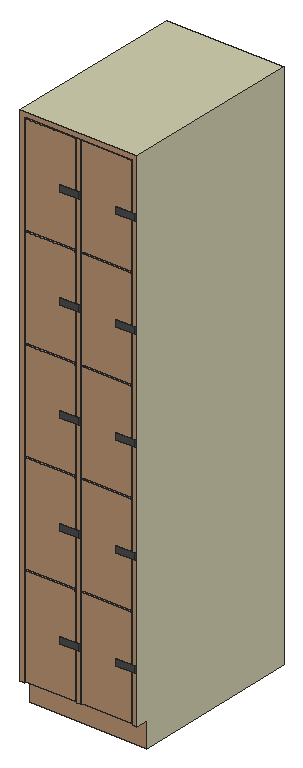
Revit family "Cabinet_Wenger_UltraStor_23", category Furniture, Revit 2015
Parameters (values of type "UltraStor Cabinet #23 - Comp Wood Doors")
  URL = "https://www.wengercorp.com/"
  Type Comments = ""
  Specification = "http://www.arcat.com/sdspecs/htm04/12_35_83wen.htm"
  Shelf Thickness = 0' - 1 1/8"
  Sales Information = "https://www.wengercorp.com/contact-us.php"
  Revision = "R1_2018-04"
  Rear Panel Thickness = 0' - 0 3/4"
  Product Data = "http://www.arcat.com/arcatcos/cos36/arc36487.html"
  Manufacturer Website = "https://www.wengercorp.com/"
  Manufacturer Phone - Toll Free = "800-4WENGER"
  Manufacturer Phone = "(507) 455-4100"
  Manufacturer Fax = "(507) 455-4258"
  Manufacturer Address = "555 Park Dr., Owatonna, MN 55060"
  Keynote = "12 35 83"
  HasDoors = yes
  Green Building-LEED = "http://www.arcat.com/green/clients/leed_data_36487.html"
  Drawn By = "Sumex Design, Inc. / Robert S. Weygant, CSI, CDT, SCIP"
  Door Width = (Cabinet Width - 0' 2 1/4") / 2  # 0' - 8 1/4"
  Door Style = Door_Base : Solid Door
  Door Material [instance] = Wenger Cherry (Use Cherry Edge Band Only)
  Toe Kick Material [instance] = Wenger Cherry (Use Cherry Edge Band Only)
  RH End Panel [instance] = no
  Model = "#23"
  Manufacturer = "Wenger Corporation"
  LH End Panel [instance] = no
  End Panel Material [instance] = Wenger Cherry (Use Cherry Edge Band Only)
  Edge Banding Material [instance] = Wenger Cherry (Use Cherry Edge Band Only)
  Door Height = (Cabinet Height - 0' 4 3/4") / 5  # 1' - 4.175"
  Cost = 0
  Copyright = "© 2018 Arcat Inc."
  Construction Details = "http://www.arcat.com/details/wengerco/wengerco.html?coid=36487"
  Body Material [instance] = Wenger - Oyster
  Description = "Wenger UltraStor Cabinet #23 - Comp Wood Doors"
  Cabinet Width = 1' - 6 3/4"
  Cabinet Height = 7' - 1 5/8"
  Installed Depth = 2' - 5 1/4"
  Cabinet Panel Thickness = 0' - 0 3/4"
  Assembly Code = "E2010200"
Types (14): name | Rear Panel Thickness | HasDoors | Door Width | Door Style | Door Material | Model | Description | Cabinet Width | Installed Depth
  Acoustic Cabinet #23 - No Doors | 0' - 3 1/4" | no | 0' - 8 1/4" | Door_Base : Solid Door | none | "#23A" | "Wenger Acoustic Cabinet #23 - No Doors" | 1' - 6 3/4" | 2' - 7 3/4"
  Narrow Acoustic Cabinet #23 - No Doors | 0' - 3 1/4" | no | 0' - 6 1/4" | Door_Base : Solid Door | none | "#23NA" | "Wenger Narrow Acoustic Cabinet #23 - No Doors" | 1' - 2 3/4" | 2' - 7 3/4"
  Narrow Acoustic Cabinet #23 - Comp Grille Doors | 0' - 3 1/4" | yes | 0' - 6 1/4" | Door_Base : Bars | Painted Black | "#23NA" | "Wenger Narrow Acoustic Cabinet #23 - Comp Grille Doors" | 1' - 2 3/4" | 2' - 7 3/4"
  Narrow Acoustic Cabinet #23 - Comp Waterfall Grille Doors | 0' - 3 1/4" | yes | 0' - 6 1/4" | Door_Base : Waterfall | Painted Black | "#23NA" | "Wenger Narrow Acoustic Cabinet #23 - Comp Waterfall Grille Doors" | 1' - 2 3/4" | 2' - 7 3/4"
  Acoustic Cabinet #23 - Comp Waterfall Grille Doors | 0' - 3 1/4" | yes | 0' - 8 1/4" | Door_Base : Waterfall | Painted Black | "#23A" | "Wenger Acoustic Cabinet #23 - Comp Waterfall Grille Doors" | 1' - 6 3/4" | 2' - 7 3/4"
  Acoustic Cabinet #23 - Comp Grille Doors | 0' - 3 1/4" | yes | 0' - 8 1/4" | Door_Base : Bars | Painted Black | "#23A" | "Wenger Acoustic Cabinet #23 - Comp Grille Doors" | 1' - 6 3/4" | 2' - 7 3/4"
  UltraStor Cabinet #23 - Comp Grille Doors | 0' - 0 3/4" | yes | 0' - 8 1/4" | Door_Base : Bars | Painted Black | "#23" | "Wenger UltraStor Cabinet #23 - Comp Grille Doors" | 1' - 6 3/4" | 2' - 5 1/4"
  Narrow UltraStor Cabinet #23 - Comp Grille Doors | 0' - 0 3/4" | yes | 0' - 6 1/4" | Door_Base : Bars | Painted Black | "#23N" | "Wenger Narrow Cabinet #23 - Comp Grille Doors" | 1' - 2 3/4" | 2' - 5 1/4"
  UltraStor Cabinet #23 - Comp Waterfall Grille Doors | 0' - 0 3/4" | yes | 0' - 8 1/4" | Door_Base : Waterfall | Painted Black | "#23" | "Wenger UltraStor Cabinet #23 - Comp Waterfall Grille Doors" | 1' - 6 3/4" | 2' - 5 1/4"
  Narrow UltraStor Cabinet #23 - No Doors | 0' - 0 3/4" | no | 0' - 6 1/4" | Door_Base : Solid Door | none | "#23N" | "Wenger Narrow Cabinet #23 - No Doors" | 1' - 2 3/4" | 2' - 5 1/4"
  Narrow UltraStor Cabinet #23 - Comp Waterfall Grille Doors | 0' - 0 3/4" | yes | 0' - 6 1/4" | Door_Base : Waterfall | Painted Black | "#23N" | "Wenger Narrow Cabinet #23 - Comp Waterfall Grille Doors" | 1' - 2 3/4" | 2' - 5 1/4"
  UltraStor Cabinet #23 - Comp Wood Doors | 0' - 0 3/4" | yes | 0' - 8 1/4" | Door_Base : Solid Door | Wenger Cherry (Use Cherry Edge Band Only) | "#23" | "Wenger UltraStor Cabinet #23 - Comp Wood Doors" | 1' - 6 3/4" | 2' - 5 1/4"
  Narrow UltraStor Cabinet #23 - Comp Wood Doors | 0' - 0 3/4" | yes | 0' - 6 1/4" | Door_Base : Solid Door | Wenger Cherry (Use Cherry Edge Band Only) | "#23N" | "Wenger Narrow Cabinet #23 - Comp Wood Doors" | 1' - 2 3/4" | 2' - 5 1/4"
  UltraStor Cabinet #23 - No Doors | 0' - 0 3/4" | no | 0' - 8 1/4" | Door_Base : Solid Door | none | "#23" | "Wenger UltraStor Cabinet #23 - No Doors" | 1' - 6 3/4" | 2' - 5 1/4"
Reference planes (in)
  plane 1 "Front": y = 0
  plane 2: z = 0
  plane 3 "Left": x = 0
  plane 4 "Right": x = 18.75
  plane 5 "Back": y = 29.25
  plane 6 "Top": z = 85.625
  plane 7: z = 4
  plane 8: z = 20.175
  plane 9: z = 36.35
  plane 10: z = 52.525
  plane 11: z = 68.7
  plane 12: x = 0.75
  plane 13: x = 18
  plane 14: z = 84.875
  plane 15: x = 9
  plane 16: x = 9.75
  plane 17: y = 28.5
  plane 18: y = 2
  plane 19: y = 0.75
  plane 20: z = 21.3
  plane 21: z = 37.475
  plane 22: z = 53.65
  plane 23: z = 69.825
  plane 24: z = 5.125
Forms (in)
  Extrusion 1, solid, material "Wenger - Oyster" <- "Body Material"
    sketch origin (0, 0, 0) x (0, 1, 0) y (0, 0, 1)
      loop
        line (0, 85.625) -> (0, 4) -> (2, 4) -> (2, 0) -> (29.25, 0) -> (29.25, 85.625) -> (0, 85.625)
    from 0 to 18.75
  Extrusion 2, void
    sketch origin (0, 0, 0) x (0, 1, 0) y (0, 0, 1)
      loop
        line (-5.5, 84.875) -> (-5.5, 4) -> (0.75, 4)
        arc (0.75, 4) -> (1.15915, 4.80234) -> (2, 5.125) r 1.25694
        line (2, 5.125) -> (28.5, 5.125) -> (28.5, 20.175) -> (0.75, 20.175)
        arc (0.75, 20.175) -> (1.18296, 20.95088) -> (2, 21.3) r 1.375
        line (2, 21.3) -> (28.5, 21.3) -> (28.5, 36.35) -> (0.75, 36.35)
        arc (0.75, 36.35) -> (1.18296, 37.12588) -> (2, 37.475) r 1.375
        line (2, 37.475) -> (28.5, 37.475) -> (28.5, 52.525) -> (0.75, 52.525)
        arc (0.75, 52.525) -> (1.18296, 53.30088) -> (2, 53.65) r 1.375
        line (2, 53.65) -> (28.5, 53.65) -> (28.5, 68.7) -> (0.75, 68.7)
        arc (0.75, 68.7) -> (1.18296, 69.47588) -> (2, 69.825) r 1.375
        line (2, 69.825) -> (28.5, 69.825) -> (28.5, 84.875) -> (-5.5, 84.875)
    from 0.75 to 9
  Extrusion 3, void
    sketch origin (0, 0, 0) x (0, 1, 0) y (0, 0, 1)
      loop
        line (-5.5, 84.875) -> (-5.5, 4) -> (0.75, 4)
        arc (0.75, 4) -> (1.18296, 4.77588) -> (2, 5.125) r 1.375
        line (2, 5.125) -> (28.5, 5.125) -> (28.5, 20.175) -> (0.75, 20.175)
        arc (0.75, 20.175) -> (1.18296, 20.95088) -> (2, 21.3) r 1.375
        line (2, 21.3) -> (28.5, 21.3) -> (28.5, 36.35) -> (0.75, 36.35)
        arc (0.75, 36.35) -> (1.18296, 37.12588) -> (2, 37.475) r 1.375
        line (2, 37.475) -> (28.5, 37.475) -> (28.5, 52.525) -> (0.75, 52.525)
        arc (0.75, 52.525) -> (1.18296, 53.30088) -> (2, 53.65) r 1.375
        line (2, 53.65) -> (28.5, 53.65) -> (28.5, 68.7) -> (0.75, 68.7)
        arc (0.75, 68.7) -> (1.18296, 69.47588) -> (2, 69.825) r 1.375
        line (2, 69.825) -> (28.5, 69.825) -> (28.5, 84.875) -> (-5.5, 84.875)
    from 9.75 to 18
  Extrusion 4, void
    sketch origin (0, 0, 0) x (0, 1, 0) y (0, 0, 1)
      loop
        line (0, 84.875) -> (0, 4) -> (0.0625, 4) -> (0.0625, 84.875) -> (0, 84.875)
    from 0.75 to 18
Cuts and joins
  Extrusion 2, Extrusion 3, Extrusion 4 cuts Extrusion 1
Lines and regions (in)
  Masking region 1
    outline origin (0, 0, 0) x (1, 0, 0) y (0, 1, 0)
      loop
        line (0, 29.25) -> (0, 0) -> (18.75, 0) -> (18.75, 29.25) -> (0, 29.25)
Dimensions and locks (in)
  "Cabinet Panel Thickness": plane 3 "Left" to plane 12
  "Cabinet Panel Thickness": plane 13 to plane 4 "Right"
  "Cabinet Panel Thickness": plane 5 "Back" to plane 17
  locked: plane 1 "Front" to plane 19 at 0.75
  locked: plane 1 "Front" to plane 18 at 2
  "Shelf Thickness": plane 20 to plane 8
  "Shelf Thickness": plane 21 to plane 9
  "Shelf Thickness": plane 22 to plane 10
  "Shelf Thickness": plane 23 to plane 11
  "Cabinet Panel Thickness": plane 6 "Top" to plane 14
  equal spacing: plane 14, plane 11, plane 10, plane 9, plane 8, plane 7
  "Shelf Thickness": plane 24 to plane 7
  "Cabinet Width": plane 3 "Left" to plane 4 "Right"
  locked: plane 7 to level at 4
  "Cabinet Height": plane 6 "Top" to level
  "Installed Depth": plane 1 "Front" to plane 5 "Back"
  "Door Width": plane 15 to plane 12
  "Door Width": plane 13 to plane 16
  plane 3 "Left" to plane 4 "Right" = 1' - 6 3/4"
  equal spacing: plane 5 "Back", nested 2, plane 1 "Front"
  equal spacing: plane 15, nested 2, plane 16
  aligned and locked: Extrusion 1 sketch curve to plane 6 "Top"
  aligned and locked: Extrusion 1 sketch curve to plane 5 "Back"
  aligned and locked: Extrusion 1 sketch curve to plane 1 "Front"
  aligned and locked: Extrusion 1 sketch curve to plane 7
  aligned and locked: Extrusion 1 sketch curve to plane 18
  aligned and locked: Extrusion 1 sketch curve to level
  aligned and locked: Extrusion 1 to plane 4 "Right"
  aligned and locked: Extrusion 1 to plane 3 "Left"
  aligned and locked: Extrusion 2 sketch curve to plane 14
  aligned and locked: Extrusion 2 sketch curve to plane 17
  aligned and locked: Extrusion 2 sketch curve to plane 11
  aligned and locked: Extrusion 2 sketch curve to plane 22
  aligned and locked: Extrusion 2 sketch curve to plane 10
  aligned and locked: Extrusion 2 sketch curve to plane 21
  aligned and locked: Extrusion 2 sketch curve to plane 9
  aligned and locked: Extrusion 2 sketch curve to plane 20
  aligned and locked: Extrusion 2 sketch curve to plane 8
  aligned and locked: Extrusion 2 sketch curve to plane 24
  aligned and locked: Extrusion 2 sketch curve to plane 23
  aligned and locked: Extrusion 2 to plane 12
  aligned and locked: plane 15 to Extrusion 2
  aligned and locked: Extrusion 3 to plane 13
  aligned and locked: Extrusion 3 to plane 16
  aligned and locked: Extrusion 4 sketch curve to cut or joined group of Extrusion 1, Extrusion 2, Extrusion 3, Extrusion 4  (x3)
  aligned and locked: Extrusion 4 to plane 13
  aligned and locked: Extrusion 4 to plane 12
  aligned and locked: plane 10 to nested 8
  aligned and locked: nested 3 to plane 12
  aligned and locked: plane 15 to nested 3
  aligned and locked: nested 3 to plane 11
  aligned and locked: plane 14 to nested 3
  aligned and locked: cut or joined group of Extrusion 1, Extrusion 2, Extrusion 3, Extrusion 4 to plane 16
  aligned and locked: cut or joined group of Extrusion 1, Extrusion 2, Extrusion 3, Extrusion 4 to plane 13
  aligned and locked: plane 14 to nested 4
  aligned and locked: nested 4 to plane 11
  aligned and locked: plane 11 to cut or joined group of Extrusion 1, Extrusion 2, Extrusion 3, Extrusion 4
  aligned and locked: plane 11 to nested 6
  aligned and locked: plane 11 to nested 5
  aligned and locked: nested 6 to plane 10
  aligned and locked: nested 5 to plane 10
  aligned and locked: plane 10 to cut or joined group of Extrusion 1, Extrusion 2, Extrusion 3, Extrusion 4
  aligned and locked: plane 10 to nested 7
  aligned and locked: nested 7 to plane 9
  aligned and locked: plane 9 to nested 9
  aligned and locked: nested 8 to plane 9
  aligned and locked: plane 9 to nested 10
  aligned and locked: nested 9 to plane 8
  aligned and locked: plane 8 to nested 11
  aligned and locked: nested 10 to plane 8
  aligned and locked: plane 8 to nested 12
  aligned and locked: nested 12 to plane 13
  aligned and locked: nested 10 to plane 13
  aligned and locked: nested 8 to plane 13
  aligned and locked: nested 6 to plane 13
  aligned and locked: nested 4 to plane 13
  aligned and locked: nested 4 to plane 16
  aligned and locked: nested 6 to plane 16
  aligned and locked: nested 8 to plane 16
  aligned and locked: nested 10 to plane 16
  aligned and locked: nested 12 to plane 16
  aligned and locked: plane 15 to nested 11
  aligned and locked: plane 15 to nested 9
  aligned and locked: plane 15 to nested 7
  aligned and locked: plane 15 to nested 5
  aligned and locked: nested 5 to plane 12
  aligned and locked: nested 7 to plane 12
  aligned and locked: nested 9 to plane 12
  aligned and locked: nested 11 to plane 12
  aligned and locked: plane 7 to cut or joined group of Extrusion 1, Extrusion 2, Extrusion 3, Extrusion 4
  aligned and locked: nested 12 to plane 7
  aligned and locked: nested 11 to plane 7
  aligned and locked: plane 19 to Extrusion 2 sketch curve
  aligned and locked: plane 1 "Front" to nested 13
  aligned and locked: nested 13 to level
  aligned and locked: nested 13 to plane 4 "Right"
  aligned and locked: Masking region 1 sketch curve to plane 5 "Back"
  aligned and locked: Masking region 1 sketch curve to plane 1 "Front"
  aligned and locked: plane 3 "Left" to Masking region 1 sketch curve
  aligned and locked: plane 4 "Right" to Masking region 1 sketch curve
Automatic sketch dimensions
  Extrusion 3 sketch curve to plane 14 = 0' - 0"
  Extrusion 3 sketch curve to plane 7 = 0' - 0"
  Extrusion 3 sketch curve to plane 19 = 0' - 0"  (x5)
  Extrusion 3 sketch curve to plane 11 = 0' - 0"
  Extrusion 3 sketch curve to plane 8 = 0' - 0"
  Extrusion 3 sketch curve to plane 10 = 0' - 0"
  Extrusion 3 sketch curve to plane 9 = 0' - 0"
  Extrusion 3 sketch curve to plane 18 = 0' - 0"  (x5)
  Extrusion 3 sketch curve to plane 17 = 0' - 0"  (x5)
  Extrusion 3 sketch curve to plane 24 = 0' - 0"
  Extrusion 3 sketch curve to plane 20 = 0' - 0"
  Extrusion 3 sketch curve to plane 21 = 0' - 0"
  Extrusion 3 sketch curve to plane 22 = 0' - 0"
  Extrusion 3 sketch curve to plane 23 = 0' - 0"
  plane 1 "Front" to Extrusion 3 sketch curve = 0' - 5 1/2"
  Extrusion 3 sketch curve to plane 18 = 0' - 0.10279"  (x5)
  plane 19 to Extrusion 4 sketch curve = 0' - 0 11/16"
  Extrusion 2 sketch curve to plane 7 = 0' - 0"
  Extrusion 2 sketch curve to plane 19 = 0' - 0"  (x4)
  Extrusion 2 sketch curve to plane 18 = 0' - 0"  (x5)
  Extrusion 2 sketch curve to plane 17 = 0' - 0"  (x4)
  plane 1 "Front" to Extrusion 2 sketch curve = 0' - 5 1/2"
  Extrusion 2 sketch curve to plane 18 = 0' - 0.10279"  (x4)
Nested families (in)
  nested 1: "End Panel" at (0, 14.25, 0) x (0, -1, 0) z (0, 0, 1), End Panel Material <- "End Panel Material", visible <- "LH End Panel", Edge Banding Material <- "Edge Banding Material", type "End Panel"
    with End Panel Material Wenger Cherry (Use Cherry Edge Band Only), Edge Banding Material Wenger Cherry (Use Cherry Edge Band Only), End Panel Depth 2' - 5 1/4"
  nested 2: "Labels" at (9.375, 14.625, 0), type "Labels"
  nested 3: "Door_Base" at (4.875, 0, 68.7) x (1, 0, 0) z (0, -1, 0), type <- "Door Style", Height <- "Door Height", Width <- "Door Width", visible <- "HasDoors", type "Solid Door", detail levels medium+fine
    with vBars 6, Width 0' - 8 1/4", ToeKick Height 0' - 4", MidBar no, Height 1' - 4.175", BarHt 1' - 3.675", 2HzBars no
  nested 4: "Door_Base" at (13.875, 0, 68.7) x (1, 0, 0) z (0, -1, 0), type <- "Door Style", Height <- "Door Height", Width <- "Door Width", visible <- "HasDoors", type "Solid Door", detail levels medium+fine
    with vBars 6, Width 0' - 8 1/4", ToeKick Height 0' - 4", MidBar no, Height 1' - 4.175", BarHt 1' - 3.675", 2HzBars no
  nested 5: "Door_Base" at (4.875, 0, 52.525) x (1, 0, 0) z (0, -1, 0), type <- "Door Style", Height <- "Door Height", Width <- "Door Width", visible <- "HasDoors", type "Solid Door", detail levels medium+fine
    with vBars 6, Width 0' - 8 1/4", ToeKick Height 0' - 4", MidBar no, Height 1' - 4.175", BarHt 1' - 3.675", 2HzBars no
  nested 6: "Door_Base" at (13.875, 0, 52.525) x (1, 0, 0) z (0, -1, 0), type <- "Door Style", Height <- "Door Height", Width <- "Door Width", visible <- "HasDoors", type "Solid Door", detail levels medium+fine
    with vBars 6, Width 0' - 8 1/4", ToeKick Height 0' - 4", MidBar no, Height 1' - 4.175", BarHt 1' - 3.675", 2HzBars no
  nested 7: "Door_Base" at (4.875, 0, 36.35) x (1, 0, 0) z (0, -1, 0), type <- "Door Style", Height <- "Door Height", Width <- "Door Width", visible <- "HasDoors", type "Solid Door", detail levels medium+fine
    with vBars 6, Width 0' - 8 1/4", ToeKick Height 0' - 4", MidBar no, Height 1' - 4.175", BarHt 1' - 3.675", 2HzBars no
  nested 8: "Door_Base" at (13.875, 0, 36.35) x (1, 0, 0) z (0, -1, 0), type <- "Door Style", Height <- "Door Height", Width <- "Door Width", visible <- "HasDoors", type "Solid Door", detail levels medium+fine
    with vBars 6, Width 0' - 8 1/4", ToeKick Height 0' - 4", MidBar no, Height 1' - 4.175", BarHt 1' - 3.675", 2HzBars no
  nested 9: "Door_Base" at (4.875, 0, 20.175) x (1, 0, 0) z (0, -1, 0), type <- "Door Style", Height <- "Door Height", Width <- "Door Width", visible <- "HasDoors", type "Solid Door", detail levels medium+fine
    with vBars 6, Width 0' - 8 1/4", ToeKick Height 0' - 4", MidBar no, Height 1' - 4.175", BarHt 1' - 3.675", 2HzBars no
  nested 10: "Door_Base" at (13.875, 0, 20.175) x (1, 0, 0) z (0, -1, 0), type <- "Door Style", Height <- "Door Height", Width <- "Door Width", visible <- "HasDoors", type "Solid Door", detail levels medium+fine
    with vBars 6, Width 0' - 8 1/4", ToeKick Height 0' - 4", MidBar no, Height 1' - 4.175", BarHt 1' - 3.675", 2HzBars no
  nested 11: "Door_Base" at (4.875, 0, 4) x (1, 0, 0) z (0, -1, 0), type <- "Door Style", Height <- "Door Height", Width <- "Door Width", visible <- "HasDoors", type "Solid Door", detail levels medium+fine
    with vBars 6, Width 0' - 8 1/4", ToeKick Height 0' - 4", MidBar no, Height 1' - 4.175", BarHt 1' - 3.675", 2HzBars no
  nested 12: "Door_Base" at (13.875, 0, 4) x (1, 0, 0) z (0, -1, 0), type <- "Door Style", Height <- "Door Height", Width <- "Door Width", visible <- "HasDoors", type "Solid Door", detail levels medium+fine
    with vBars 6, Width 0' - 8 1/4", ToeKick Height 0' - 4", MidBar no, Height 1' - 4.175", BarHt 1' - 3.675", 2HzBars no
  nested 13: "End Panel" at (19.5, 14.25, 0) x (0, -1, 0) z (0, 0, 1), End Panel Material <- "End Panel Material", Edge Banding Material <- "Edge Banding Material", visible <- "RH End Panel", type "End Panel"
    with End Panel Material Wenger Cherry (Use Cherry Edge Band Only), Edge Banding Material Wenger Cherry (Use Cherry Edge Band Only), End Panel Depth 2' - 5 1/4"
Definition of nested family "End Panel"
  Parameters (values of type "End Panel")
    End Panel Material [instance] = none
    End Panel Height = 7' - 1 5/8"
    End Panel Depth = 1' - 9 3/4"
    Edge Banding Material [instance] = none
    Default Elevation = 4' - 0"
    Assembly Code = ""
  Reference planes (in)
    plane 1 "Center (Front/Back)": y = 0
    plane 2: z = 0
    plane 3 "Center (Left/Right)": x = 0
    plane 4: x = -15
    plane 5: x = 6.75
    plane 6: z = 4
    plane 7: x = 4.75
    plane 8: z = 85.625
    plane 9: y = -0.75
  Forms (in)
    Extrusion 1, solid, material <- "End Panel Material"
      sketch origin (0, 0, 0) x (1, 0, 0) y (0, 0, 1)
        loop
          line (-15, 85.625) -> (-15, 0) -> (4.75, 0) -> (4.75, 4) -> (6.75, 4) -> (6.75, 85.625) -> (-15, 85.625)
      from 0 to 0.75
  Lines and regions (in)
    Masking region 1, detail levels coarse+medium
      outline origin (0, 0, 0) x (1, 0, 0) y (0, 1, 0)
        loop
          line (-15, 0) -> (-15, -0.75) -> (6.75, -0.75) -> (6.75, 0) -> (-15, 0)
  Dimensions and locks (in)
    locked: plane 7 to plane 5 at 2
    locked: plane 6 to level at 4
    "End Panel Height": plane 8 to level
    "End Panel Depth": plane 5 to plane 4
    locked: plane 9 to plane 1 "Center (Front/Back)" at 0.75
    aligned and locked: plane 4 to Extrusion 1 sketch curve
    aligned and locked: level to Extrusion 1 sketch curve
    aligned and locked: plane 7 to Extrusion 1 sketch curve
    aligned and locked: plane 6 to Extrusion 1 sketch curve
    aligned and locked: Extrusion 1 sketch curve to plane 5
    aligned and locked: Extrusion 1 sketch curve to plane 8
    aligned and locked: Extrusion 1 to plane 9
    aligned and locked: Extrusion 1 to plane 1 "Center (Front/Back)"
    aligned and locked: plane 4 to Masking region 1 sketch curve
    aligned and locked: Masking region 1 sketch curve to plane 5
    aligned and locked: plane 1 "Center (Front/Back)" to Masking region 1 sketch curve
    aligned and locked: plane 9 to Masking region 1 sketch curve
Definition of nested family "Door_Base"
  Parameters (values of type "None")
    vBars [instance] = (Width - 0' 2") / 0' 1"  # 6
    Width [instance] = 0' - 8"
    ToeKick Height [instance] = 0' - 4"
    Thickness = 0' - 0 3/4"
    Solid Door = no
    Shelf Thickness = 0' - 0 3/4"
    Panel Thickness = 0' - 0 3/4"
    MidBar [instance] = and(Height < 1' 6", HasDoor, not(Solid Door))  # no
    Height [instance] = 1' - 2 5/8"
    HasDoor = no
    Edge Banding = none
    DoorGap = 0' - 0 1/8"
    Door Finish = none
    Depth = 2' - 0"
    Default Elevation = 4' - 0"
    Bars = no
    BarStyle = Bars : Waterfall
    BarHt [instance] = Height - 0' 0 1/2"  # 1' - 2 1/8"
    2HzBars [instance] = and(Height > 1' 6", not(Solid Door))  # no
  Types (4): name | Thickness | Solid Door | MidBar | HasDoor | Bars | BarStyle
    Solid Door | 0' - 0 3/4" | yes | no | yes | no | Bars : Waterfall
    Bars | 0' - 0 1/4" | no | yes | yes | yes | Bars : Straight
    Waterfall | 0' - 0 3/4" | no | yes | yes | yes | Bars : Waterfall
    None | 0' - 0 3/4" | no | no | no | no | Bars : Waterfall
  Reference planes (in)
    plane 1 "Center (Front/Back)": y = 0
    plane 2: z = 0
    plane 3 "Center (Left/Right)": x = 0
    plane 4: x = -4
    plane 5: y = 14.625
    plane 6: x = 4
    plane 7: z = -0.75
    plane 8: x = -3.875
    plane 9: x = 3.875
    plane 10: y = 0.125
    plane 11: y = 14.5
    plane 12: y = -0.75
    plane 13 "CL Elev": y = 7.3125
    plane 14: x = -3.75
    plane 15: x = 3.75
    plane 16 "BtmRail": y = 0.25
    plane 17: y = 14.375
    plane 18: z = -0.125
    plane 19: x = -2.75
    plane 20: x = 2.75
    plane 21: y = 9.66667
    plane 22: y = 4.95833
  Forms (in)
    Extrusion 1, solid, material <- "Door Finish", visible <- "Solid Door", detail levels medium+fine
      sketch origin (0, 0, 0) x (1, 0, 0) y (0, 1, 0)
        loop
          arc (-3.75, 14.5) -> (-3.83839, 14.46339) -> (-3.875, 14.375) r 0.125
          line (-3.875, 14.375) -> (-3.875, 0.25)
          arc (-3.875, 0.25) -> (-3.83839, 0.16161) -> (-3.75, 0.125) r 0.125
          line (-3.75, 0.125) -> (3.75, 0.125)
          arc (3.75, 0.125) -> (3.83839, 0.16161) -> (3.875, 0.25) r 0.125
          line (3.875, 0.25) -> (3.875, 14.375)
          arc (3.875, 14.375) -> (3.83839, 14.46339) -> (3.75, 14.5) r 0.125
          line (3.75, 14.5) -> (-3.75, 14.5)
      from 0 to -0.75
    Sweep 2, solid, material <- "Door Finish", visible <- "Bars", detail levels medium+fine
      path origin (0, 0, 0) x (1, 0, 0) y (0, 1, 0)
        loop
          arc (-3.125, 14.5) -> (-3.65533, 14.28033) -> (-3.875, 13.75) r 0.75
          line (-3.875, 13.75) -> (-3.875, 0.875)
          arc (-3.875, 0.875) -> (-3.65533, 0.34467) -> (-3.125, 0.125) r 0.75
          line (-3.125, 0.125) -> (3.125, 0.125)
          arc (3.125, 0.125) -> (3.65533, 0.34467) -> (3.875, 0.875) r 0.75
          line (3.875, 0.875) -> (3.875, 13.75)
          arc (3.875, 13.75) -> (3.65533, 14.28033) -> (3.125, 14.5) r 0.75
          line (3.125, 14.5) -> (-3.125, 14.5)
      profile origin (0, 14.5, 0) x (0, 1, 0) y (0, 0, 1)
        loop
          circle (-0.125, -0.125) r 0.125
    Extrusion 3, solid, material <- "Door Finish", visible <- "MidBar", detail levels medium+fine
      sketch origin (0, 0, 0) x (0, 1, 0) y (0, 0, 1)
        loop
          circle (7.3125, -0.125) r 0.125
      from -3.75 to 3.75
    Extrusion 4, solid, visible <- "HasDoor", detail levels fine
      sketch origin (0, 0, 0) x (1, 0, 0) y (0, 1, 0)
        loop
          line (1.5, 7.8125) -> (1.5, 6.8125) -> (4.5, 6.8125) -> (4.5, 7.8125) -> (1.5, 7.8125)
      from 0 to 0.125
    Extrusion 5, solid, material <- "Door Finish", visible <- "2HzBars", detail levels medium+fine
      sketch origin (0, 0, 0) x (0, 1, 0) y (0, 0, 1)
        loop
          circle (9.66667, -0.125) r 0.125
        loop
          circle (4.95833, -0.125) r 0.125
      from -3.75 to 3.75
  Lines and regions (in)
    symbolic lines, visible <- "HasDoor", detail levels medium+fine
      curve 1: line (4, 0.25, 0) -> (-4, 0.25, 0)
      curve 2: line (-4, 0.25, 0) -> (-4, 0.25, 8)
      curve 3: arc (4, 0.25, 0) -> (1.65685, 0.25, 5.65685) -> (-4, 0.25, 8) r 8
    symbolic lines, visible <- "HasDoor"
      curve 4: line (3.875, 0.25, 0) -> (3.875, 0.25, -0.75)
      curve 5: line (3.875, 0.25, -0.75) -> (-3.875, 0.25, -0.75)
      curve 6: line (-3.875, 0.25, -0.75) -> (-3.875, 0.25, 0)
    symbolic lines, detail levels medium
      curve 7: line (3.875, 14.5, 0) -> (-3.875, 7.3125, 0)
      curve 8: line (-3.875, 7.3125, 0) -> (3.875, 0.125, 0)
  Dimensions and locks (in)
    "Height": plane 1 "Center (Front/Back)" to plane 5
    "Thickness": level to plane 7
    equal spacing: plane 4, plane 3 "Center (Left/Right)", plane 6
    "Width": plane 4 to plane 6
    "DoorGap": plane 5 to plane 11
    "DoorGap": plane 9 to plane 6
    "DoorGap": plane 4 to plane 8
    "DoorGap": plane 1 "Center (Front/Back)" to plane 10
    "Shelf Thickness": plane 1 "Center (Front/Back)" to plane 12
    equal spacing: plane 1 "Center (Front/Back)", plane 13 "CL Elev", plane 5
    locked: plane 15 to plane 9 at 0.125
    locked: plane 8 to plane 14 at 0.125
    locked: plane 11 to plane 17 at 0.125
    locked: plane 16 "BtmRail" to plane 10 at 0.125
    locked: level to plane 18 at 0.125
    plane 19 to plane 14 = 0' - 1"
    locked: plane 15 to plane 20 at 1
    Extrusion 4 sketch curve to plane 13 "CL Elev" to Extrusion 4 sketch curve = 0' - 0 1/2" locked, 0' - 0 1/2" locked
    locked: plane 6 to Extrusion 4 sketch curve at 0.5
    locked: Extrusion 4 sketch curve to plane 6 at 2.5
    locked: Extrusion 4 to level at 0.125
    equal spacing: group 1, group 3, group 4, group 5, group 6, group 2  (x3)
    equal spacing: plane 17, plane 21, plane 22, plane 16 "BtmRail"
    "Width": radius of curve 3
    aligned and locked: plane 2 to level
    aligned and locked: Extrusion 1 sketch curve to plane 11
    aligned and locked: plane 8 to Extrusion 1 sketch curve
    aligned and locked: Extrusion 1 sketch curve to plane 9
    aligned and locked: plane 10 to Extrusion 1 sketch curve
    aligned and locked: Extrusion 1 to plane 7
    aligned and locked: level to Extrusion 1
    aligned and locked: Sweep 2 sketch curve to plane 11
    aligned and locked: plane 8 to Sweep 2 sketch curve
    aligned and locked: plane 10 to Sweep 2 sketch curve
    aligned and locked: Sweep 2 sketch curve to plane 9
    aligned and locked: plane 15 to Extrusion 3
    aligned and locked: Extrusion 3 to plane 14
    aligned and locked: plane 20 to nested 2
    aligned and locked: plane 19 to nested 1
    aligned and locked: plane 21 to Extrusion 5 sketch curve
    aligned and locked: plane 18 to Extrusion 5 sketch curve  (x2)
    aligned and locked: plane 22 to Extrusion 5 sketch curve
    aligned and locked: Extrusion 5 to Extrusion 3  (x2)
    aligned and locked: plane 4 to curve 3  (x2)
    aligned and locked: level to curve 3
    aligned and locked: plane 7 to curve 5
    aligned and locked: Extrusion 1 to plane 8
    aligned and locked: plane 9 to Extrusion 1
    aligned and locked: plane 10 to curve 8
    aligned and locked: plane 9 to curve 8
    aligned and locked: plane 13 "CL Elev" to curve 8
    aligned and locked: plane 11 to curve 7
    aligned and locked: plane 9 to curve 7
  Automatic sketch dimensions
    plane 8 to Sweep 2 sketch curve = 0' - 0 3/4"  (x2)
    Sweep 2 sketch curve to plane 9 = 0' - 0 3/4"
    Sweep 2 sketch curve to Sweep 2 sketch curve = 0' - 0 3/4"
    Sweep 2 sketch curve to level = 0' - 0 1/8"
    profile plane to Sweep 2 sketch curve = 0' - 0 1/8"
    Extrusion 3 sketch curve to level = 0' - 0 1/8"
    Extrusion 3 sketch curve to plane 13 "CL Elev" = 0' - 0"
    curve 8 to plane 8 = 0' - 0"
    Extrusion 1 sketch curve to plane 14 = 0' - 0"  (x2)
    Extrusion 1 sketch curve to plane 15 = 0' - 0"  (x2)
    curve 5 to plane 9 = 0' - 0"
    curve 6 to plane 8 = 0' - 0"
    radius of Sweep 2 sketch curve = 0' - 0 1/8"
    radius of Extrusion 3 sketch curve = 0' - 0 1/8"
    radius of Extrusion 5 sketch curve = 0' - 0 1/8"  (x2)
  Nested families (in)
    nested 1: "Bars" at (-2.75, 0.25, -0.125) x (1, 0, 0) z (0, 1, 0), type <- "BarStyle", visible <- "Bars", type "Waterfall", detail levels fine
      with Lateral Deviation 0' - 1", Height 1' - 2 1/8"
    nested 2: "Bars" at (2.75, 0.25, -0.125) x (1, 0, 0) z (0, 1, 0), type <- "BarStyle", visible <- "Bars", type "Waterfall", detail levels fine
      with Lateral Deviation 0' - 1", Height 1' - 2 1/8"
    nested 3: "Bars" at (-1.65, 0.25, -0.125) x (1, 0, 0) z (0, 1, 0), type <- "BarStyle", visible <- "Bars", type "Waterfall", detail levels fine
      with Lateral Deviation 0' - 1", Height 1' - 2 1/8"
    nested 4: "Bars" at (-0.55, 0.25, -0.125) x (1, 0, 0) z (0, 1, 0), type <- "BarStyle", visible <- "Bars", type "Waterfall", detail levels fine
      with Lateral Deviation 0' - 1", Height 1' - 2 1/8"
    nested 5: "Bars" at (0.55, 0.25, -0.125) x (1, 0, 0) z (0, 1, 0), type <- "BarStyle", visible <- "Bars", type "Waterfall", detail levels fine
      with Lateral Deviation 0' - 1", Height 1' - 2 1/8"
    nested 6: "Bars" at (1.65, 0.25, -0.125) x (1, 0, 0) z (0, 1, 0), type <- "BarStyle", visible <- "Bars", type "Waterfall", detail levels fine
      with Lateral Deviation 0' - 1", Height 1' - 2 1/8"
  Definition of nested family "Bars"
    Parameters (values of type "Straight")
      WaterFall = no
      Straight = yes
      Lateral Deviation = 0' - 1 1/2"
      Height = 1' - 2 5/8"
      Default Elevation = 4' - 0"
      Bars = none
    Types (3): name | WaterFall | Straight
      (no name) | no | yes
      Waterfall | yes | no
      Straight | no | yes
    Reference planes (in)
      plane 1 "Center (Front/Back)": y = 0
      plane 2: z = 0
      plane 3 "Center (Left/Right)": x = 0
      plane 4: z = 14.625
      plane 5: z = 7.3125
      plane 6: x = 0.75
      plane 7: x = -0.75
      plane 8: z = 10.96875
      plane 9: z = 3.65625
    Forms (in)
      Sweep 1, solid, material <- "Bars", visible <- "WaterFall"
        path origin (0, 0, 0) x (1, 0, 0) y (0, 0, 1)
          loop
            arc (0, 0) -> (0.56057, 1.79006) -> (0.75, 3.65625) r 9.28711
            arc (0.75, 3.65625) -> (0.56057, 5.52244) -> (0, 7.3125) r 9.28711
        profile origin (0.56057, 0, 1.79006) x (-0.979603, 0, 0.200944) y (0, -1, 0)
          loop
            circle (0, 0) r 0.0625
      Sweep 2, solid, material <- "Bars", visible <- "WaterFall"
        path origin (0, 0, 14.625) x (-1, 0, 0) y (0, 0, -1)
          loop
            arc (0, 0) -> (0.56057, 1.79006) -> (0.75, 3.65625) r 9.28711
            arc (0.75, 3.65625) -> (0.56057, 5.52244) -> (0, 7.3125) r 9.28711
        profile origin (-0.56057, 0, 12.83494) x (0.979603, 0, -0.200944) y (0, -1, 0)
          loop
            circle (0, 0) r 0.0625
      Extrusion 3, solid, material <- "Bars", visible <- "Straight"
        sketch origin (0, 0, 0) x (1, 0, 0) y (0, 1, 0)
          loop
            circle (0, 0) r 0.0625
        from 0 to 14.625
    Dimensions and locks (in)
      "Height": plane 4 to level
      equal spacing: plane 6, plane 3 "Center (Left/Right)", plane 7
      "Lateral Deviation": plane 6 to plane 7
      equal spacing: plane 4, plane 8, plane 5, plane 9, level
      aligned and locked: plane 2 to level
      aligned and locked: plane 3 "Center (Left/Right)" to Sweep 1 sketch curve  (x2)
      aligned and locked: level to Sweep 1 sketch curve
      aligned and locked: plane 6 to Sweep 1 sketch curve
      aligned and locked: plane 9 to Sweep 1 sketch curve
      aligned and locked: plane 4 to Sweep 2 sketch curve
      aligned and locked: plane 3 "Center (Left/Right)" to Sweep 2 sketch curve  (x2)
      aligned and locked: plane 8 to Sweep 2 sketch curve
      aligned and locked: plane 7 to Sweep 2 sketch curve
      aligned and locked: plane 5 to Sweep 2 sketch curve
      aligned and locked: plane 4 to Extrusion 3
      aligned and locked: Extrusion 3 to level
    Automatic sketch dimensions
      plane 1 "Center (Front/Back)" to Sweep 1 sketch curve = 0' - 0"
      Sweep 1 sketch curve to profile plane = 0' - 0"
      Sweep 1 sketch curve to Sweep 1 sketch curve = 0' - 0"
      Sweep 2 sketch curve to plane 1 "Center (Front/Back)" = 0' - 0"
      Sweep 2 sketch curve to profile plane = 0' - 0"
      plane 1 "Center (Front/Back)" to Extrusion 3 sketch curve = 0' - 0"
      Extrusion 3 sketch curve to plane 3 "Center (Left/Right)" = 0' - 0"
      radius of Sweep 1 sketch curve = 0' - 0 1/16"
      radius of Sweep 2 sketch curve = 0' - 0 1/16"
      radius of Extrusion 3 sketch curve = 0' - 0 1/16"
Definition of nested family "Labels"
  Parameters
    Cabinet Label = "01"
  Reference planes (in)
    plane 1: y = 0
    plane 2: x = 0
  Text (in)
    label "xxxx" at (-0.00018, 0.00754, 0), shows "Cabinet Label"
